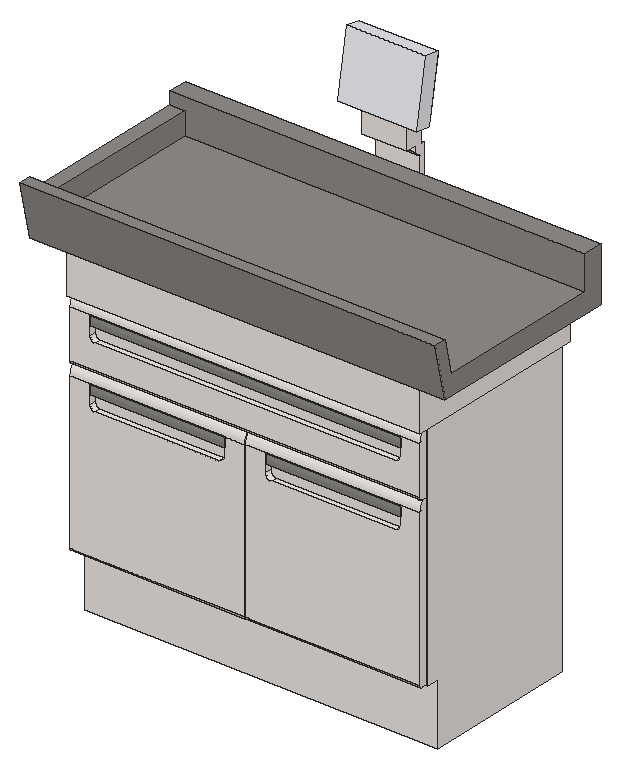
Revit family
Parameters (values of type "Pediatric Examination Table")
  Working Height = 36"  # constant formula
  Width = 22 1/2"  # constant formula
  Weight = 170.00 lbf  # constant formula
  Watts = 5 W
  Voltage = 120 V
  Upholstery Material [instance] = Upholstery - Midmark - 216 - Pebble Grey
  URL = "http://www.midmark.com"
  Product Page URL = "http://www.midmark.com/en-us/MedicalProducts/ManualExaminationTables/Pages/Midmark640PediatricExaminationTable.aspx"
  Product Documentation Link = "http://www.midmark.com/en-us/MedicalProducts/ManualExaminationTables/Pages/Midmark640PediatricExaminationTable.aspx#documentation"
  Power Factor = 1
  Patient Weight Capacity = 40.00 lbf  # constant formula
  Number of Poles = 1
  Model = "Midmark 640"
  Manufacturer = "Midmark"
  Length = 42"  # constant formula
  Height = 51 1/4"  # constant formula
  Connector Description = "Power Connector"
  Base Width = 15 3/4"  # constant formula
  Base Length = 35 3/4"  # constant formula
  Base Material = Metal - Midmark - Base
  Description = "Midmark 640 Pediatric Examination Table"
  Assembly Code = "E1020810"
  Apparent Load = 0 VA
Reference planes (in)
  plane 1 "Center (Front/Back)": y = -0.875
  plane 2: z = 0
  plane 3 "Center (Left/Right)": x = 0
  plane 4 "Back": y = 10.375
  plane 5 "Front": y = -12.125
  plane 6 "Working Surface": z = 36
  plane 7 "Top": z = 51.25
  plane 8: z = 6.25
  plane 9 "Right": x = 21
  plane 10 "Left": x = -21
  plane 11: x = 17.875
  plane 12: x = -17.875
  plane 13: y = -9.125
  plane 14: z = 29.5
  plane 15: z = 34
  plane 16: z = 39.5
  plane 17: y = -7.875
  plane 18: y = -10.125
  plane 19: y = 8.875
  plane 20: y = 7.875
  plane 21: z = 38.25
  plane 22: y = 6.875
  plane 23: y = -10.875
  plane 24: z = 23.25
  plane 25: z = 22.25
  plane 26: z = 28.5
  plane 27: y = -9.625
  plane 28: x = -15.9375
  plane 29: x = -1.9375
  plane 30: x = 15.9375
  plane 31: x = 1.9375
  plane 32: z = 20
  plane 33: z = 26.25
  plane 34: z = 21.25
  plane 35: z = 27.5
  plane 36: x = -19.5
  plane 37: x = -13.5
  plane 38: z = 31.75
Forms (in)
  Extrusion 1, solid, material "Metal - Midmark - Base" <- "Base Material", detail levels medium+fine
    sketch origin (0, 0, 0) x (0, 1, 0) y (0, 0, 1)
      loop
        line (7.875, 0) -> (7.875, 29.5) -> (-9.125, 29.5) -> (-9.125, 6.25) -> (-7.875, 6.25) -> (-7.875, 0) -> (7.875, 0)
    from -17.875 to 17.875
  Extrusion 2, solid, material "Metal - Midmark - Base" <- "Base Material", detail levels medium+fine
    sketch origin (0, 0, 0) x (0, 1, 0) y (0, 0, 1)
      loop
        line (8.875, 29.5) -> (8.875, 34) -> (-10.125, 34) -> (-10.125, 29.5) -> (8.875, 29.5)
    from -17.875 to 17.875
  Extrusion 3, solid, material "Upholstery - Midmark - 216 - Pebble Grey" <- "Upholstery Material", detail levels medium+fine
    sketch origin (0, 0, 0) x (0, 1, 0) y (0, 0, 1)
      loop
        line (8.875, 34) -> (8.875, 39.5) -> (6.875, 39.5) -> (6.875, 36) -> (-10.07955, 36) -> (-10.875, 39.5) -> (-12.125, 39.5) -> (-10.875, 34) -> (8.875, 34)
    from -21 to 21
  Extrusion 4, solid, material "Upholstery - Midmark - 216 - Pebble Grey" <- "Upholstery Material", detail levels medium+fine
    sketch origin (0, 0, 0) x (0, 1, 0) y (0, 0, 1)
      loop
        line (6.875, 36) -> (6.875, 38.25) -> (-10.59091, 38.25) -> (-10.07955, 36) -> (6.875, 36)
    from -21 to -19.5
  Extrusion 5, solid, detail levels coarse
    sketch origin (0, 0, 0) x (1, 0, 0) y (0, 1, 0)
      loop
        line (-21, 10.375) -> (-21, -12.125) -> (21, -12.125) -> (21, 10.375) -> (-21, 10.375)
    from 0 to 51.25
Lines and regions (in)
  Masking region 1, detail levels coarse
    outline origin (0, 0, 0) x (1, 0, 0) y (0, 1, 0)
      loop
        line (-21, 10.375) -> (-21, -12.125) -> (21, -12.125) -> (21, 10.375) -> (-21, 10.375)
  Masking region 2, detail levels medium+fine
    outline origin (0, 0, 0) x (1, 0, 0) y (0, 1, 0)
      loop
        line (-21, 8.875) -> (-21, -12.125) -> (21, -12.125) -> (21, 8.875) -> (-21, 8.875)
  Masking region 3, detail levels fine
    outline origin (0, 0, 0) x (1, 0, 0) y (0, 1, 0)
      loop
        line (-21, -10.125) -> (-21, -12.125) -> (21, -12.125) -> (21, -10.125) -> (-21, -10.125)
      loop
        line (-21, 6.875) -> (21, 6.875) -> (21, 8.875) -> (-21, 8.875) -> (-21, 6.875)
  symbolic lines, style "Base", detail levels fine
    curve 1: line (-19.5, 6.875, 0) -> (-19.5, -10.125, 0)
Dimensions and locks (in)
  equal spacing: plane 4 "Back", plane 1 "Center (Front/Back)", plane 5 "Front"
  equal spacing: plane 10 "Left", plane 3 "Center (Left/Right)", plane 9 "Right"
  "Length": plane 10 "Left" to plane 9 "Right"
  "Width": plane 4 "Back" to plane 5 "Front"
  equal spacing: plane 12, plane 3 "Center (Left/Right)", plane 11
  "Base Length": plane 12 to plane 11
  plane 4 "Back" to plane 19 to plane 20 to plane 22 = 1 1/2" locked, 1" locked, 1"
  "Base Width": plane 20 to plane 17
  plane 17 to plane 13 to plane 27 to plane 18 to plane 23 = 1 1/4" locked, 1/2" locked, 1/2" locked, 3/4" locked
  plane 15 to plane 14 to plane 26 to plane 24 to plane 25 to plane 8 to plane 2 = 4 1/2" locked, 1" locked, 5 1/4" locked, 1" locked, 16" locked, 6 1/4" locked
  "Height": plane 2 to plane 7 "Top"
  "Working Height": plane 6 "Working Surface" to plane 2
  plane 16 to plane 21 to plane 6 "Working Surface" = 1 1/4", 2 1/4"
  plane 26 to plane 35 to plane 33 = 1" locked, 1 1/4" locked
  plane 25 to plane 34 to plane 32 = 1" locked, 1 1/4" locked
  locked: plane 10 "Left" to plane 36 at 1.5
  locked: plane 15 to plane 38 at 2.25
  plane 12 to plane 28 to plane 37 = 1 15/16" locked, 2 7/16" locked
  locked: plane 11 to plane 30 at 1.9375
  plane 31 to plane 3 "Center (Left/Right)" to plane 29 = 1 15/16" locked, 1 15/16" locked
  aligned and locked: plane 2 to level
  aligned and locked: plane 14 to Extrusion 1 sketch curve
  aligned and locked: plane 2 to Extrusion 1 sketch curve
  aligned and locked: plane 8 to Extrusion 1 sketch curve
  aligned and locked: plane 17 to Extrusion 1 sketch curve
  aligned and locked: plane 13 to Extrusion 1 sketch curve
  aligned and locked: plane 12 to Extrusion 1
  aligned and locked: plane 11 to Extrusion 1
  aligned and locked: plane 20 to Extrusion 1 sketch curve
  aligned and locked: plane 19 to Extrusion 2 sketch curve
  aligned and locked: plane 15 to Extrusion 2 sketch curve
  aligned and locked: plane 14 to Extrusion 2 sketch curve
  aligned and locked: plane 18 to Extrusion 2 sketch curve
  aligned and locked: plane 12 to Extrusion 2
  aligned and locked: plane 11 to Extrusion 2
  aligned and locked: plane 19 to Extrusion 3 sketch curve
  aligned and locked: plane 6 "Working Surface" to Extrusion 3 sketch curve  (x2)
  aligned and locked: plane 16 to Extrusion 3 sketch curve  (x3)
  aligned and locked: plane 22 to Extrusion 3 sketch curve
  aligned and locked: plane 15 to Extrusion 3 sketch curve
  aligned and locked: plane 5 "Front" to Extrusion 3 sketch curve
  aligned and locked: plane 23 to Extrusion 3 sketch curve
  aligned and locked: plane 10 "Left" to Extrusion 3
  aligned and locked: plane 9 "Right" to Extrusion 3
  aligned and locked: plane 22 to Extrusion 4 sketch curve
  aligned and locked: plane 21 to Extrusion 4 sketch curve
  aligned and locked: Extrusion 4 sketch curve to Extrusion 3
  aligned and locked: plane 6 "Working Surface" to Extrusion 4 sketch curve
  aligned and locked: plane 10 "Left" to Extrusion 4
  aligned and locked: Extrusion 4 to plane 36
  aligned and locked: plane 14 to nested 1
  aligned and locked: nested 1 to plane 19
  aligned and locked: plane 3 "Center (Left/Right)" to nested 1
  aligned and locked: nested 2 to plane 37
  aligned and locked: nested 2 to plane 38
  aligned and locked: plane 10 "Left" to Extrusion 5 sketch curve
  aligned and locked: Extrusion 5 sketch curve to plane 4 "Back"
  aligned and locked: Extrusion 5 sketch curve to plane 5 "Front"
  aligned and locked: Extrusion 5 sketch curve to plane 9 "Right"
  aligned and locked: Extrusion 5 to plane 7 "Top"
  aligned and locked: Extrusion 5 to plane 2
  aligned and locked: plane 10 "Left" to Masking region 1 sketch curve
  aligned and locked: Masking region 1 sketch curve to plane 4 "Back"
  aligned and locked: Masking region 1 sketch curve to plane 5 "Front"
  aligned and locked: Masking region 1 sketch curve to plane 9 "Right"
  aligned and locked: plane 10 "Left" to Masking region 2 sketch curve
  aligned and locked: Masking region 2 sketch curve to plane 19
  aligned and locked: Masking region 2 sketch curve to plane 9 "Right"
  aligned and locked: Masking region 2 sketch curve to plane 5 "Front"
  aligned and locked: Masking region 3 sketch curve to plane 18
  aligned and locked: plane 10 "Left" to Masking region 3 sketch curve  (x2)
  aligned and locked: Masking region 3 sketch curve to plane 5 "Front"
  aligned and locked: Masking region 3 sketch curve to plane 9 "Right"  (x2)
  aligned and locked: Masking region 3 sketch curve to plane 22
  aligned and locked: Masking region 3 sketch curve to plane 19
  aligned and locked: plane 36 to curve 1
  aligned and locked: plane 22 to curve 1
  aligned and locked: plane 18 to curve 1
  aligned and locked: Extrusion 3 to plane 22
  aligned and locked: plane 16 to Extrusion 3
  aligned and locked: nested 5 to plane 8
  aligned and locked: plane 8 to nested 3
  aligned and locked: plane 14 to nested 4
  aligned and locked: plane 24 to nested 4
  aligned and locked: nested 5 to plane 24
  aligned and locked: plane 24 to nested 3
  aligned: plane 11 to nested 5
  aligned and locked: plane 3 "Center (Left/Right)" to nested 5
  aligned and locked: plane 11 to nested 5
  aligned and locked: plane 3 "Center (Left/Right)" to nested 3
  aligned: nested 3 to plane 10 "Left"
  aligned and locked: plane 11 to nested 4
  aligned and locked: nested 3 to plane 12
  aligned and locked: nested 4 to plane 12
  aligned and locked: nested 3 to plane 13
  aligned and locked: plane 13 to nested 5
  aligned and locked: nested 4 to plane 13
Automatic sketch dimensions
  Extrusion 3 sketch curve to plane 23 = 0"
  plane 18 to Extrusion 3 sketch curve = 0.04545"
Nested families (in)
  nested 1: "Midmark 604 Screen" at (0, 8.875, 29.5), type "Midmark 604 Screen"
  nested 2: "Midmark Logo" at (-13.5, -10.125, 31.75) x (1, 0, 0) z (0, -1, 0), type "Midmark Logo"
  nested 3: "Cabinet-Midmark-Door" at (-8.9375, -9.125, 14.75) x (1, 0, 0) z (0, -1, 0), type "Open Door"
    with Handle Height 2.35", Door Width 17 7/8", Door Lines yes, Door Height 17"
  nested 4: "Cabinet-Midmark-Door" at (0, -9.125, 26.375) x (1, 0, 0) z (0, -1, 0), type "Basic Door"
    with Handle Height 2.35", Door Width 35 3/4", Door Lines no, Door Height 6 1/4"
  nested 5: "Cabinet-Midmark-Door" at (8.9375, -9.125, 14.75) x (-1, 0, 0) z (0, -1, 0), type "Open Door"
    with Handle Height 2.35", Door Width 17 7/8", Door Lines yes, Door Height 17"
Definition of nested family "Midmark 604 Screen"
  Parameters (values of type "Midmark 604 Screen")
    Base Material = Metal - Midmark - Base
    Assembly Code = ""
  Reference planes (in)
    plane 1 "Center (Front/Back)": y = 0
    plane 2: z = 0
    plane 3 "Center (Left/Right)": x = 0
    plane 4: z = 21.5
    plane 5: x = 2.24988
    plane 6: x = -2.24988
    plane 7: x = -3.99982
    plane 8: x = 3.99982
    plane 9: x = 3.87497
    plane 10: x = 3.42484
    plane 11: x = -3.87497
    plane 12: x = -3.42484
    plane 13: x = -3.18874
    plane 14: x = 3.18874
    plane 15 "Screen Face": through (0, -0.93335, 21.12164) normal (0, -0.9848, 0.1736)
    plane 16 "Front": y = -0.86664
  Forms (in)
    Extrusion 1, solid, material "Metal - Midmark - Base" <- "Base Material", detail levels medium+fine
      sketch origin (0, 0, 0) x (0, 1, 0) y (0, 0, 1)
        loop
          line (1.08405, 0) -> (1.08405, 12.18766) -> (0.72379, 12.18766) -> (0.72379, 14.96635) -> (0.36297, 15.07792) -> (0.34267, 14.96278) -> (-0.47089, 15.10624) -> (-0.51814, 14.83828) -> (-1.11852, 14.94414) -> (-1.11852, 12.32371) -> (0, 12.32371) -> (0, 11.70918) -> (0.58429, 11.12489) -> (0.58429, 6.93771) -> (0, 6.33816) -> (0, 0) -> (1.08405, 0)
      from -2.24988 to 2.24988
    Extrusion 2, solid, material "Plastic - Midmark - White", detail levels medium+fine
      sketch origin (0, 0, 0) x (0, 1, 0) y (0, 0, 1)
        loop
          line (-0.86664, 21.5) -> (-1.99535, 15.09875) -> (-0.51814, 14.83828) -> (0.61057, 21.23953) -> (-0.86664, 21.5)
      from -3.99982 to 3.99982
    Extrusion 3, solid, material "Metal - Midmark - Base" <- "Base Material", detail levels medium+fine
      sketch origin (0, 0, 0) x (0, 1, 0) y (0, 0, 1)
        loop
          line (-0.47089, 15.10624) -> (0.34267, 14.96278) -> (1.31401, 20.47152) -> (0.50045, 20.61497) -> (-0.47089, 15.10624)
      from -3.42484 to 3.42484
    Extrusion 4, solid, material "Metal - Midmark - Base" <- "Base Material", detail levels medium+fine
      sketch origin (0, 0, 0) x (0, 1, 0) y (0, 0, 1)
        loop
          line (1.51704, 19.61585) -> (1.2262, 19.97353) -> (0.36297, 15.07792) -> (0.71268, 14.96979) -> (1.51704, 19.61585)
      from -2.24988 to 2.24988
  Lines and regions (in)
    Masking region 1, detail levels medium+fine
      outline origin (0, 0, 0) x (1, 0, 0) y (0, 1, 0)
        loop
          line (-2.24988, 1.51704) -> (-2.24988, 1.31401) -> (-3.42484, 1.31401) -> (-3.42484, 0.61057) -> (-3.99982, 0.61057) -> (-3.99982, -1.99535) -> (3.99982, -1.99535) -> (3.99982, 0.61057) -> (3.42484, 0.61057) -> (3.42484, 1.31401) -> (2.24988, 1.31401) -> (2.24988, 1.51704) -> (-2.24988, 1.51704)
    model lines, style "Base", detail levels fine
      curve 1: line (-3.18874, -1.06419, 20.37966) -> (3.18874, -1.06419, 20.37966)
      curve 2: line (-3.18874, -1.77821, 16.33023) -> (-3.18874, -1.06419, 20.37966)
      curve 3: line (3.18874, -1.77821, 16.33023) -> (-3.18874, -1.77821, 16.33023)
      curve 4: line (3.18874, -1.06419, 20.37966) -> (3.18874, -1.77821, 16.33023)
      curve 5: line (-3.18874, -1.4212, 18.35495) -> (3.18874, -1.4212, 18.35495)
      curve 6: line (-2.69639, -1.13655, 19.96924) -> (1.30361, -1.13655, 19.96924)
      curve 7: line (-2.69639, -1.35361, 18.73823) -> (-2.69639, -1.13655, 19.96924)
      curve 8: line (1.30361, -1.35361, 18.73823) -> (-2.69639, -1.35361, 18.73823)
      curve 9: line (1.30361, -1.13655, 19.96924) -> (1.30361, -1.35361, 18.73823)
      curve 10: line (1.79081, -1.13655, 19.96924) -> (2.79081, -1.13655, 19.96924)
      curve 11: line (1.79081, -1.20175, 19.59948) -> (1.79081, -1.13655, 19.96924)
      curve 12: line (2.79081, -1.20175, 19.59948) -> (1.79081, -1.20175, 19.59948)
      curve 13: line (2.79081, -1.13655, 19.96924) -> (2.79081, -1.20175, 19.59948)
      curve 14: line (1.79081, -1.22338, 19.47684) -> (2.79081, -1.22338, 19.47684)
      curve 15: line (1.79081, -1.28858, 19.10708) -> (1.79081, -1.22338, 19.47684)
      curve 16: line (2.79081, -1.28858, 19.10708) -> (1.79081, -1.28858, 19.10708)
      curve 17: line (2.79081, -1.22338, 19.47684) -> (2.79081, -1.28858, 19.10708)
    symbolic lines, style "Base", detail levels fine
      curve 18: line (-2.24988, 1.31401, 0) -> (2.24988, 1.31401, 0)
      curve 19: line (-3.42484, 0.61057, 0) -> (3.42484, 0.61057, 0)
      curve 20: line (-3.99982, -0.86664, 0) -> (3.99982, -0.86664, 0)
      curve 21: line (3.18874, -1.77821, 0) -> (-3.18874, -1.77821, 0)
      curve 22: line (-3.18874, -1.77821, 0) -> (-3.18874, -1.06419, 0)
      curve 23: line (-3.18874, -1.06419, 0) -> (3.18874, -1.06419, 0)
      curve 24: line (-3.18874, -1.4212, 0) -> (3.18874, -1.4212, 0)
      curve 25: line (3.18874, -1.06419, 0) -> (3.18874, -1.77821, 0)
      curve 26: line (1.30361, -1.13655, 0) -> (1.30361, -1.35361, 0)
      curve 27: line (-2.69639, -1.13655, 0) -> (1.30361, -1.13655, 0)
      curve 28: line (1.30361, -1.35361, 0) -> (-2.69639, -1.35361, 0)
      curve 29: line (-2.69639, -1.35361, 0) -> (-2.69639, -1.13655, 0)
      curve 30: line (1.79081, -1.28858, 0) -> (1.79081, -1.22338, 0)
      curve 31: line (1.79081, -1.20175, 0) -> (1.79081, -1.13655, 0)
      curve 32: line (2.79081, -1.13655, 0) -> (2.79081, -1.20175, 0)
      curve 33: line (2.79081, -1.22338, 0) -> (2.79081, -1.28858, 0)
      curve 34: line (1.79081, -1.13655, 0) -> (2.79081, -1.13655, 0)
      curve 35: line (2.79081, -1.20175, 0) -> (1.79081, -1.20175, 0)
      curve 36: line (1.79081, -1.22338, 0) -> (2.79081, -1.22338, 0)
      curve 37: line (2.79081, -1.28858, 0) -> (1.79081, -1.28858, 0)
      curve 38: line (0, -1.99535, 15.09875) -> (0, -0.51814, 14.83828)
  Dimensions and locks (in)
    plane 8 to plane 9 to plane 10 to plane 14 to plane 5 to plane 3 "Center (Left/Right)" to plane 6 to plane 13 to plane 12 to plane 11 to plane 7 = 0.12486" locked, 0.45013" locked, 0.23609" locked, 0.93886" locked, 2.24988" locked, 2.24988" locked, 0.93886" locked, 0.23609" locked, 0.45013" locked, 0.12486" locked
    aligned and locked: plane 2 to level
    aligned and locked: plane 1 "Center (Front/Back)" to Extrusion 1 sketch curve
    aligned and locked: Extrusion 1 to plane 6
    aligned and locked: Extrusion 1 to plane 5
    aligned and locked: Extrusion 2 to plane 7
    aligned and locked: Extrusion 2 to plane 8
    aligned and locked: Extrusion 2 to Extrusion 3 sketch curve
    aligned and locked: Extrusion 3 to plane 12
    aligned and locked: Extrusion 3 to plane 10
    aligned and locked: Extrusion 3 to Extrusion 4 sketch curve
    aligned and locked: Extrusion 4 to plane 6
    aligned and locked: Extrusion 4 to plane 5
    aligned and locked: Extrusion 1 sketch curve to Extrusion 4
    aligned and locked: Extrusion 1 sketch curve to Extrusion 3  (x2)
    aligned and locked: Extrusion 2 to Extrusion 1 sketch curve
    aligned and locked: Extrusion 1 sketch curve to Extrusion 2
    aligned and locked: Masking region 1 sketch curve to Extrusion 4
    aligned and locked: plane 6 to Masking region 1 sketch curve
    aligned and locked: Masking region 1 sketch curve to Extrusion 3
    aligned and locked: plane 12 to Masking region 1 sketch curve
    aligned and locked: Masking region 1 sketch curve to Extrusion 2  (x2)
    aligned and locked: plane 7 to Masking region 1 sketch curve
    aligned and locked: Masking region 1 sketch curve to plane 8
    aligned and locked: Masking region 1 sketch curve to plane 5
    aligned and locked: Extrusion 3 to Masking region 1 sketch curve
    aligned and locked: Masking region 1 sketch curve to plane 10
    aligned and locked: Extrusion 2 to Masking region 1 sketch curve
    aligned and locked: curve 18 to Masking region 1
    aligned and locked: plane 6 to curve 18
    aligned and locked: plane 5 to curve 18
    aligned and locked: plane 12 to curve 19
    aligned and locked: plane 10 to curve 19
    aligned and locked: curve 19 to Masking region 1
    aligned and locked: plane 8 to curve 20
    aligned and locked: plane 7 to curve 20
    aligned and locked: curve 21 to curve 3
    aligned and locked: curve 22 to curve 2
    aligned and locked: curve 23 to curve 1
    aligned and locked: curve 24 to curve 5
    aligned and locked: curve 25 to curve 4
    aligned and locked: curve 26 to curve 9
    aligned and locked: curve 27 to curve 6
    aligned and locked: curve 28 to curve 8
    aligned and locked: curve 29 to curve 7
    aligned and locked: curve 30 to curve 15
    aligned and locked: curve 31 to curve 11
    aligned and locked: curve 32 to curve 13
    aligned and locked: curve 33 to curve 17
    aligned and locked: curve 34 to curve 10
    aligned and locked: curve 35 to curve 12
    aligned and locked: curve 36 to curve 14
    aligned and locked: curve 37 to curve 16
Definition of nested family "Cabinet-Midmark-Door"
  Parameters (values of type "Open Door")
    Open Door Space = 0.06"
    Hinge Door Space = 0.16"
    Handle Material = none
    Handle Height [instance] = 2.35"
    Door Width [instance] = 15"
    Door Material = none
    Door Lines [instance] = yes
    Door Height [instance] = 22.78"
    Default Elevation = 48"
    Assembly Code = ""
  Types (2): name | Open Door Space
    Basic Door | 0.16"
    Open Door | 0.06"
  Reference planes (in)
    plane 1 "Center (Front/Back)": y = 0
    plane 2 "Back": z = 0
    plane 3 "Center (Left/Right)": x = 0
    plane 4 "Left": x = -7.5
    plane 5 "Right": x = 7.5
    plane 6 "Top": y = 11.39
    plane 7 "Bottom": y = -11.39
    plane 8 "Front": z = 0.75
    plane 9 "Door Left": x = -7.34
    plane 10 "Door Right": x = 7.44
    plane 11: y = 7.915
    plane 12: y = 10.265
  Forms (in)
    Extrusion 1, solid, material <- "Door Material", detail levels fine
      sketch origin (0, 0, 0) x (1, 0, 0) y (0, 1, 0)
        loop
          line (-7.34, 11.73844) -> (-7.34, -11.39) -> (7.44, -11.39) -> (7.44, 11.73844) -> (-2.68, 11.73844) -> (-7.34, 11.73844)
        loop
          arc (4.84, 7.915) -> (5.26426, 8.09074) -> (5.44, 8.515) r 0.6
          line (5.44, 8.515) -> (5.44, 10.265) -> (-5.34, 10.265) -> (-5.34, 8.415)
          arc (-5.34, 8.415) -> (-5.19355, 8.06145) -> (-4.84, 7.915) r 0.5
          line (-4.84, 7.915) -> (4.84, 7.915)
      from 0 to 0.75
    Extrusion 2, void, detail levels fine
      sketch origin (0, 0, 0) x (0, 1, 0) y (0, 0, 1)
        loop
          line (11.39, 0) -> (11.73844, 0) -> (11.73844, 1) -> (10.03268, 1) -> (10.03268, 0.75) -> (10.296, 0.75)
          arc (10.296, 0.75) -> (10.84482, 0.63643) -> (11.31364, 0.32934) r 1.5
          arc (11.31364, 0.32934) -> (11.37012, 0.24718) -> (11.39, 0.14948) r 0.25
          line (11.39, 0.14948) -> (11.39, 0)
        loop
          line (-11.39, 0) -> (-11.39, 0.495)
          arc (-11.39, 0.495) -> (-11.31531, 0.67531) -> (-11.135, 0.75) r 0.255
          line (-11.135, 0.75) -> (-10.74735, 0.75) -> (-10.74735, 1) -> (-11.73844, 1) -> (-11.73844, 0) -> (-11.39, 0)
      from -7.5 to 7.5
    Extrusion 3, solid, material <- "Handle Material", detail levels fine
      sketch origin (0, -1.13018, 0) x (0, 1, 0) y (0, 0, 1)
        loop
          line (11.39518, 0.1) -> (11.39518, 0.69985)
          arc (11.39518, 0.69985) -> (10.89, 0.75) -> (10.38482, 0.69985) r 2.56923
          line (10.38482, 0.69985) -> (10.38482, 0.1) -> (11.39518, 0.1)
      from -5.34 to 5.44
    Extrusion 4, solid, material <- "Door Material", detail levels coarse+medium
      sketch origin (0, 0, 0) x (1, 0, 0) y (0, 1, 0)
        loop
          line (-7.34, -11.39) -> (7.44, -11.39) -> (7.44, 11.39) -> (-7.34, 11.39) -> (-7.34, -11.39)
      from 0 to 0.75
    Extrusion 5, solid, material <- "Door Material", detail levels fine
      sketch origin (0, 0, 0) x (1, 0, 0) y (0, 1, 0)
        loop
          arc (-5.34, 8.415) -> (-5.19355, 8.06145) -> (-4.84, 7.915) r 0.5
          line (-4.84, 7.915) -> (4.94, 7.915)
          arc (4.94, 7.915) -> (5.29355, 8.06145) -> (5.44, 8.415) r 0.5
          line (5.44, 8.415) -> (5.44, 10.265) -> (-5.34, 10.265) -> (-5.34, 8.415)
      from 0 to 0.1
  Cuts and joins
    Extrusion 2 cuts Extrusion 1
  Lines and regions (in)
    symbolic lines, style "GenericModelHiddenLines", visible <- "Door Lines"
      curve 1: line (7.34, 11.39, 0) -> (-7.34, 0, 0)
      curve 2: line (-7.34, 0, 0) -> (7.34, -11.39, 0)
    model lines, detail levels medium
      curve 3: line (-5.34, 8.415, 0.75) -> (-5.34, 10.265, 0.75)
      curve 4: arc (-4.84, 7.915, 0.75) -> (-5.19355, 8.06145, 0.75) -> (-5.34, 8.415, 0.75) r 0.5
      curve 5: line (4.94, 7.915, 0.75) -> (-4.84, 7.915, 0.75)
      curve 6: arc (5.44, 8.415, 0.75) -> (5.29355, 8.06145, 0.75) -> (4.94, 7.915, 0.75) r 0.5
      curve 7: line (5.44, 10.265, 0.75) -> (5.44, 8.415, 0.75)
      curve 8: line (-5.34, 9.25464, 0.75) -> (5.44, 9.25464, 0.75)
      curve 9: line (-5.34, 10.265, 0.75) -> (5.44, 10.265, 0.75)
  Dimensions and locks (in)
    equal spacing: plane 4 "Left", plane 3 "Center (Left/Right)", plane 5 "Right"
    equal spacing: plane 6 "Top", plane 1 "Center (Front/Back)", plane 7 "Bottom"
    "Door Width": plane 4 "Left" to plane 5 "Right"
    "Door Height": plane 6 "Top" to plane 7 "Bottom"
    locked: plane 8 "Front" to level at 0.75
    Extrusion 3 to Extrusion 5 sketch curve = 2.35"
    locked: Extrusion 1 sketch curve to plane 10 "Door Right" at 2
    locked: cut or joined group of Extrusion 1, Extrusion 2 to Extrusion 3 sketch curve at 1.01036
    locked: plane 9 "Door Left" to Extrusion 1 sketch curve at 2
    locked: plane 6 "Top" to plane 12 at 1.125
    "Handle Height": plane 11 to plane 12
    "Hinge Door Space": plane 4 "Left" to plane 9 "Door Left"
    "Open Door Space": plane 10 "Door Right" to plane 5 "Right"
    radius of Extrusion 3 sketch curve = 2.56923"
    aligned and locked: plane 8 "Front" to Extrusion 1
    aligned and locked: Extrusion 2 to plane 4 "Left"
    aligned and locked: plane 5 "Right" to Extrusion 2
    aligned: Extrusion 3 to cut or joined group of Extrusion 1, Extrusion 2  (x5)
    aligned and locked: plane 8 "Front" to Extrusion 4
    aligned and locked: Extrusion 2 sketch curve to plane 7 "Bottom"
    aligned and locked: plane 6 "Top" to Extrusion 4 sketch curve
    aligned and locked: cut or joined group of Extrusion 1, Extrusion 2 to Extrusion 5
    aligned and locked: plane 6 "Top" to Extrusion 4
    aligned and locked: Extrusion 4 to plane 7 "Bottom"
    aligned and locked: cut or joined group of Extrusion 1, Extrusion 2 to plane 2 "Back"
    aligned and locked: Extrusion 2 sketch curve to plane 6 "Top"
    aligned and locked: Extrusion 4 to Extrusion 2 sketch curve
    aligned and locked: Extrusion 3 to cut or joined group of Extrusion 1, Extrusion 2  (x2)
    aligned and locked: Extrusion 4 sketch curve to plane 9 "Door Left"
    aligned and locked: plane 10 "Door Right" to Extrusion 4 sketch curve
    aligned and locked: Extrusion 1 sketch curve to plane 9 "Door Left"
    aligned and locked: Extrusion 1 sketch curve to plane 10 "Door Right"
    aligned and locked: Extrusion 5 to cut or joined group of Extrusion 1, Extrusion 2  (x2)
    aligned and locked: cut or joined group of Extrusion 1, Extrusion 2 to plane 11
    aligned and locked: plane 12 to cut or joined group of Extrusion 1, Extrusion 2
    aligned and locked: plane 11 to Extrusion 5
    aligned and locked: curve 5 to plane 11
    aligned and locked: Extrusion 3 sketch curve to plane 12
  Automatic sketch dimensions
    Extrusion 4 sketch curve to plane 7 "Bottom" = 0"
    Extrusion 2 sketch curve to level = 0"  (x2)
    Extrusion 2 sketch curve to plane 8 "Front" = 0"
    Extrusion 2 sketch curve to plane 7 "Bottom" = 0.34844"
    Extrusion 2 sketch curve to Extrusion 2 sketch curve = 0.38765"
    Extrusion 2 sketch curve to plane 6 "Top" = 1.35732"
    Extrusion 2 sketch curve to plane 6 "Top" = 1.11821"
    Extrusion 2 sketch curve to Extrusion 2 sketch curve = 0.26332"
    Extrusion 2 sketch curve to Extrusion 2 sketch curve = 1/4"  (x2)
    Extrusion 2 sketch curve to plane 6 "Top" = 0.07636"
    Extrusion 2 sketch curve to Extrusion 2 sketch curve = 0"
    plane 6 "Top" to Extrusion 2 sketch curve = 0.34844"
    plane 8 "Front" to Extrusion 2 sketch curve = 1/4"
    Extrusion 2 sketch curve to Extrusion 2 sketch curve = 0.255"
    plane 1 "Center (Front/Back)" to curve 1 = 0"
    curve 2 to plane 7 "Bottom" = 0"
    curve 1 to plane 6 "Top" = 0"
    plane 4 "Left" to curve 1 = 0.16"
    curve 2 to plane 5 "Right" = 0.16"
    curve 1 to plane 5 "Right" = 0.16"
    curve 3 to curve 4 = 1/2"
    curve 6 to curve 7 = 1/2"
    curve 7 to Extrusion 4 = 1 1/8"
    curve 3 to Extrusion 4 = 1 1/8"
    Extrusion 5 sketch curve to plane 6 "Top" = 1 1/8"
    Extrusion 5 sketch curve to Extrusion 5 sketch curve = 1/2"  (x2)
    plane 4 "Left" to Extrusion 5 sketch curve = 2.66"
    plane 6 "Top" to Extrusion 1 sketch curve = 0.34844"
    Extrusion 1 sketch curve to plane 7 "Bottom" = 0"
    Extrusion 1 sketch curve to plane 6 "Top" = 1 1/8"
    Extrusion 1 sketch curve to Extrusion 1 sketch curve = 2.66"
    Extrusion 1 sketch curve to Extrusion 1 sketch curve = 1/2"
    Extrusion 5 sketch curve to plane 5 "Right" = 2.56"
    Extrusion 1 sketch curve to plane 5 "Right" = 2.66"
    curve 5 to Extrusion 4 = 2 1/2"
    Extrusion 3 sketch curve to plane 6 "Top" = 1.63018"
    Extrusion 3 sketch curve to plane 8 "Front" = 0.05015"
    level to Extrusion 3 sketch curve = 0.1"
    curve 9 to curve 8 = 0"
    curve 8 to curve 9 = 0"
    Extrusion 1 sketch curve to Extrusion 1 sketch curve = 2.35"
    curve 6 to Extrusion 4 = 2 1/2"
    curve 8 to curve 9 = 1.01036"
    plane 9 "Door Left" to curve 9 = 2"
    curve 8 to plane 6 "Top" = 2.13536"
    curve 9 to plane 10 "Door Right" = 2"
Definition of nested family "Midmark Logo"
  Parameters (values of type "Midmark Logo")
    Default Elevation = 48"
    Assembly Code = ""
  Reference planes (in)
    plane 1 "Center (Front/Back)": y = 0
    plane 2: z = 0
    plane 3 "Center (Left/Right)": x = 0
    plane 4: x = 2.375
    plane 5: x = -2.375
    plane 6: y = 0.875
    plane 7: y = -0.875
    plane 8: x = -1.555
    plane 9: x = 1.555
    plane 10: y = 0.53313
    plane 11: y = -0.53313
  Forms (in)
    Extrusion 1, solid
      sketch origin (0, 0, 0) x (1, 0, 0) y (0, 1, 0)
        loop
          line (-48, 48) -> (-48, -48) -> (48, -48) -> (48, 48) -> (-48, 48)
      from 0 to -12
  Lines and regions (in)
    Masking region 1, detail levels fine
      outline origin (0, 0, 0) x (1, 0, 0) y (0, 1, 0)
        loop
          spline (-2.375, 0) -> (-2.29407, -0.22647) -> (-2.05681, -0.4375) -> (-1.67938, -0.61872) -> (-1.1875, -0.75777) -> (-0.6147, -0.84519) -> (0, -0.875) -> (0.6147, -0.84519) -> (1.1875, -0.75777) -> (1.67938, -0.61872) -> (2.05681, -0.4375) -> (2.29407, -0.22647) -> (2.375, 0)
          spline (2.375, 0) -> (2.29407, 0.22647) -> (2.05681, 0.4375) -> (1.67938, 0.61872) -> (1.1875, 0.75777) -> (0.6147, 0.84519) -> (0, 0.875) -> (-0.6147, 0.84519) -> (-1.1875, 0.75777) -> (-1.67938, 0.61872) -> (-2.05681, 0.4375) -> (-2.29407, 0.22647) -> (-2.375, 0)
    model lines, style "Base", detail levels fine
      curve 1: spline (-2.375, 0, 0) -> (-2.29407, 0.22647, 0) -> (-2.05681, 0.4375, 0) -> (-1.67938, 0.61872, 0) -> (-1.1875, 0.75777, 0) -> (-0.6147, 0.84519, 0) -> (0, 0.875, 0) -> (0.6147, 0.84519, 0) -> (1.1875, 0.75777, 0) -> (1.67938, 0.61872, 0) -> (2.05681, 0.4375, 0) -> (2.29407, 0.22647, 0) -> (2.375, 0, 0) -> (2.29407, -0.22647, 0) -> (2.05681, -0.4375, 0) -> (1.67938, -0.61872, 0) -> (1.1875, -0.75777, 0) -> (0.6147, -0.84519, 0) -> (0, -0.875, 0) -> (-0.6147, -0.84519, 0) -> (-1.1875, -0.75777, 0) -> (-1.67938, -0.61872, 0) -> (-2.05681, -0.4375, 0) -> (-2.29407, -0.22647, 0) -> (-2.375, 0, 0)
      curve 2: line (-1.555, 0.53313, 0) -> (-0.65893, 0.53313, 0)
      curve 3: line (-1.555, -0.53313, 0) -> (-1.555, 0.53313, 0)
      curve 4: line (1.555, -0.53313, 0) -> (-1.555, -0.53313, 0)
      curve 5: line (1.555, 0.53313, 0) -> (1.555, -0.53313, 0)
      curve 10: line (-0.65893, 0.53313, 0) -> (-1.01249, 0.17958, 0)
      curve 11: line (-1.01249, 0.17958, 0) -> (-0.21839, 0.53313, 0)
      curve 13: line (-0.21839, 0.53313, 0) -> (1.555, 0.53313, 0)
    symbolic lines, style "Base", detail levels fine
      curve 6: line (-1.555, 0.53313, 0) -> (-1.555, -0.53313, 0)
      curve 7: line (-1.555, 0.53313, 0) -> (-0.65893, 0.53313, 0)
      curve 8: line (-1.555, -0.53313, 0) -> (1.555, -0.53313, 0)
      curve 9: line (1.555, 0.53313, 0) -> (1.555, -0.53313, 0)
      curve 12: line (-0.21839, 0.53313, 0) -> (1.555, 0.53313, 0)
      curve 14: line (-1.01249, 0.17958, 0) -> (-0.21839, 0.53313, 0)
      curve 15: line (-1.01249, 0.17958, 0) -> (-0.65893, 0.53313, 0)
  Dimensions and locks (in)
    equal spacing: plane 6, plane 1 "Center (Front/Back)", plane 7
    plane 6 to plane 7 = 1 3/4"
    plane 5 to plane 4 = 4 3/4"
    equal spacing: plane 5, plane 3 "Center (Left/Right)", plane 4
    equal spacing: plane 10, plane 1 "Center (Front/Back)", plane 11
    equal spacing: plane 8, plane 3 "Center (Left/Right)", plane 9
    aligned and locked: plane 2 to Extrusion 1
    aligned and locked: level to Extrusion 1
    aligned and locked: curve 4 to plane 11
    aligned and locked: curve 3 to plane 8
    aligned and locked: plane 8 to curve 6
    aligned and locked: curve 7 to plane 10
    aligned and locked: plane 11 to curve 8
    aligned and locked: curve 9 to plane 9
  Automatic sketch dimensions
    Extrusion 1 sketch curve to Extrusion 1 sketch curve = 96"  (x2)
    plane 1 "Center (Front/Back)" to curve 1 = 0"
    curve 1 to plane 5 = 0"
    curve 1 to plane 3 "Center (Left/Right)" = 0"
    curve 15 to plane 8 = 0.54251"
    curve 14 to plane 1 "Center (Front/Back)" = 0.17958"
    curve 10 to curve 7 = 0.35355"
    curve 14 to plane 3 "Center (Left/Right)" = 0.21839"
    curve 13 to plane 10 = 0"
